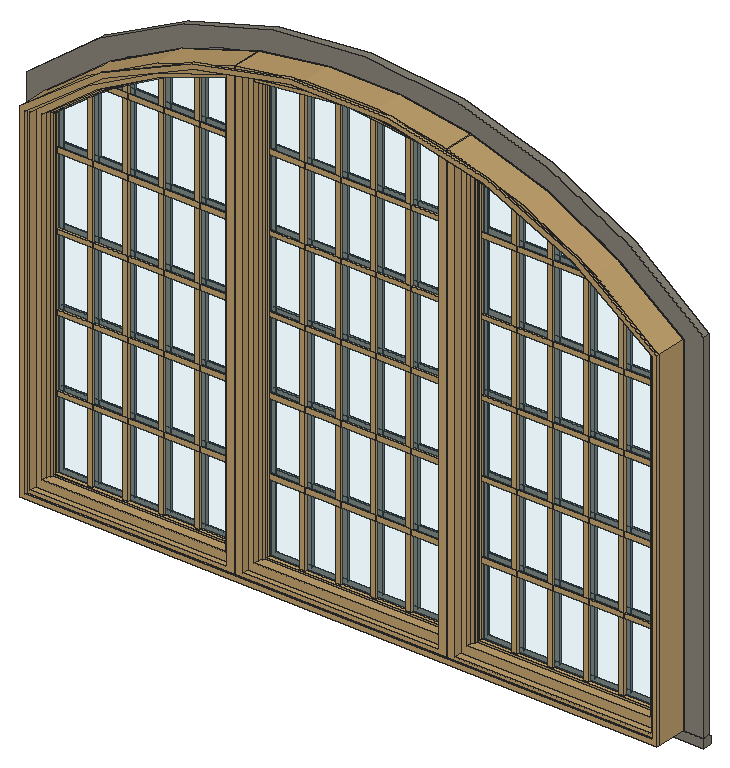
Revit family (continued)
Definition of nested family "Muntins"
  Cuts and joins
    Extrusion 5 cuts Extrusion 11
    Extrusion 5 cuts Extrusion 12
    Extrusion 5 cuts Extrusion 13
    Extrusion 5 cuts Extrusion 1
    Extrusion 5 cuts Extrusion 6
    Extrusion 5 cuts Extrusion 20
    Extrusion 5 cuts Extrusion 21
    Extrusion 5 cuts Extrusion 14
    Extrusion 5 cuts Extrusion 15
    Extrusion 5 cuts Extrusion 22
    Extrusion 5 cuts Extrusion 23
    Extrusion 5 cuts Extrusion 18
    Extrusion 5 cuts Extrusion 19
    Extrusion 5 cuts Extrusion 16
    Extrusion 5 cuts Extrusion 17
    Extrusion 5 cuts Extrusion 2
    Extrusion 5 cuts Extrusion 8
    Extrusion 5 cuts Extrusion 4
    Extrusion 5 cuts Extrusion 9
  Lines and regions (in)
    reference lines
      curve 1: arc (16.5, 0, 86.1075243) -> (-6.0258411, 0, 99.9062161) -> (-32, 0, 104.71875) r 72.5
      curve 2: arc (14.5806034, 0, 83.5458387) -> (-7.0338848, 0, 96.8787511) -> (-32, 0, 101.53125) r 69.3125
  Dimensions and locks (in)
    "Inset Horiz": plane 6 to plane 7
    "Inset Horiz": plane 8 to plane 4
    equal spacing: plane 6, plane 5, plane 4
    "Height": plane 6 to plane 4
    "GlazingHeight": plane 9 to plane 10
    equal spacing: plane 9, plane 5, plane 10
    "GlazingWidth": plane 12 to plane 11
    equal spacing: plane 12, plane 3 "Center (Left/Right)", plane 11
    "MuntinWidth": Extrusion 1 sketch curve to Extrusion 1 sketch curve
    "Height": Extrusion 1 sketch curve to Extrusion 1 sketch curve
    "MuntinWidth": Extrusion 2 sketch curve to Extrusion 2 sketch curve
    "Width": Extrusion 2 sketch curve to Extrusion 2 sketch curve
    "MuntinWidth": Extrusion 3 sketch curve to Extrusion 3 sketch curve
    "Height": Extrusion 3 sketch curve to Extrusion 3 sketch curve
    "Width": plane 15 to plane 14
    equal spacing: plane 15, plane 3 "Center (Left/Right)", plane 14
    "Inset Vert": plane 13 to plane 14
    "Inset Vert": plane 15 to plane 16
    "MuntinWidth": Extrusion 4 sketch curve to Extrusion 4 sketch curve
    "Width": Extrusion 4 sketch curve to Extrusion 4 sketch curve
    locked: plane 10 to plane 17 at 2.90625
    Extrusion 6 sketch curve to plane 3 "Center (Left/Right)" to Extrusion 6 sketch curve = 0' - 0 1/32" locked, 0' - 0 1/32" locked
    "Height": Extrusion 6 sketch curve to Extrusion 6 sketch curve
    locked: Extrusion 7 sketch curve to Extrusion 7 sketch curve at 0.03125
    "Height": Extrusion 7 sketch curve to Extrusion 7 sketch curve
    locked: Extrusion 3 to Extrusion 7 at 0.359375
    equal spacing: Extrusion 8 sketch curve, plane 5, Extrusion 8 sketch curve
    "Width": Extrusion 8 sketch curve to Extrusion 8 sketch curve
    Extrusion 9 sketch curve to Extrusion 9 sketch curve = 0' - 0 1/16"
    "Width": Extrusion 9 sketch curve to Extrusion 9 sketch curve
    locked: Extrusion 9 to Extrusion 4 at 0.359375
    "MuntinWidth": Extrusion 10 sketch curve to Extrusion 10 sketch curve
    "Height": Extrusion 10 sketch curve to Extrusion 10 sketch curve
    locked: Extrusion 11 sketch curve to Extrusion 11 sketch curve at 0.03125
    "Height": Extrusion 11 sketch curve to Extrusion 11 sketch curve
    locked: Extrusion 10 to Extrusion 11 at 0.359375
    equal spacing: group 2, group 4, group 9, group 3  (x3)
    "MuntinWidth": Extrusion 12 sketch curve to Extrusion 12 sketch curve
    "Height": Extrusion 12 sketch curve to Extrusion 12 sketch curve
    locked: Extrusion 13 sketch curve to Extrusion 13 sketch curve at 0.03125
    "Height": Extrusion 13 sketch curve to Extrusion 13 sketch curve
    locked: Extrusion 12 to Extrusion 13 at 0.359375
    "MuntinWidth": Extrusion 14 sketch curve to Extrusion 14 sketch curve
    "Width": Extrusion 14 sketch curve to Extrusion 14 sketch curve
    Extrusion 15 sketch curve to Extrusion 15 sketch curve = 0' - 0 1/16"
    "Width": Extrusion 15 sketch curve to Extrusion 15 sketch curve
    locked: Extrusion 15 to Extrusion 14 at 0.359375
    equal spacing: group 5, group 7, group 8, group 10, group 6  (x3)
    "MuntinWidth": Extrusion 16 sketch curve to Extrusion 16 sketch curve
    "Width": Extrusion 16 sketch curve to Extrusion 16 sketch curve
    Extrusion 17 sketch curve to Extrusion 17 sketch curve = 0' - 0 1/16"
    "Width": Extrusion 17 sketch curve to Extrusion 17 sketch curve
    locked: Extrusion 17 to Extrusion 16 at 0.359375
    "MuntinWidth": Extrusion 18 sketch curve to Extrusion 18 sketch curve
    "Width": Extrusion 18 sketch curve to Extrusion 18 sketch curve
    Extrusion 19 sketch curve to Extrusion 19 sketch curve = 0' - 0 1/16"
    "Width": Extrusion 19 sketch curve to Extrusion 19 sketch curve
    locked: Extrusion 19 to Extrusion 18 at 0.359375
    "MuntinWidth": Extrusion 20 sketch curve to Extrusion 20 sketch curve
    "Height": Extrusion 20 sketch curve to Extrusion 20 sketch curve
    locked: Extrusion 21 sketch curve to Extrusion 21 sketch curve at 0.03125
    "Height": Extrusion 21 sketch curve to Extrusion 21 sketch curve
    locked: Extrusion 20 to Extrusion 21 at 0.359375
    locked: plane 18 to plane 9 at 3.40625
    "Arc Height": plane 18 to plane 19
    locked: plane 11 to plane 20 at 3.40625
    locked: plane 12 to plane 21 at 3.40625
    locked: plane 22 to plane 20 at 0.5
    "Mull Space": plane 22 to plane 24
    equal spacing: plane 22, plane 23, plane 24
    "MuntinWidth": Extrusion 22 sketch curve to Extrusion 22 sketch curve
    "Width": Extrusion 22 sketch curve to Extrusion 22 sketch curve
    Extrusion 23 sketch curve to Extrusion 23 sketch curve = 0' - 0 1/16"
    "Width": Extrusion 23 sketch curve to Extrusion 23 sketch curve
    locked: Extrusion 23 to Extrusion 22 at 0.359375
    locked: Extrusion 5 sketch curve to plane 15 at 0.125
    "RO Radius": radius of curve 1
    "Radius Offset": radius of curve 2
    aligned and locked: plane 6 to Extrusion 1  (x2)
    aligned and locked: Extrusion 1 to plane 4  (x3)
    aligned and locked: Extrusion 3 to plane 13  (x6)
    aligned and locked: Extrusion 3 to plane 4  (x4)
    aligned and locked: Extrusion 2 to plane 14
    aligned and locked: plane 15 to Extrusion 2
    aligned and locked: plane 6 to Extrusion 3  (x2)
    aligned and locked: Extrusion 4 to plane 14  (x2)
    aligned and locked: Extrusion 4 to plane 8  (x2)
    aligned and locked: plane 15 to Extrusion 4  (x2)
    aligned and locked: plane 6 to Extrusion 7
    aligned and locked: plane 6 to Extrusion 10
    aligned and locked: plane 6 to Extrusion 11
    aligned and locked: Extrusion 10 to plane 16
    aligned and locked: Extrusion 10 to plane 4
    aligned and locked: Extrusion 11 to plane 4
    aligned and locked: Extrusion 7 to plane 4
    aligned and locked: Extrusion 9 to plane 14
    aligned and locked: plane 15 to Extrusion 9
    aligned and locked: Extrusion 14 to plane 14
    aligned and locked: Extrusion 15 to plane 14
    aligned and locked: plane 7 to Extrusion 14
    aligned and locked: plane 15 to Extrusion 14
    aligned and locked: plane 15 to Extrusion 15
    aligned and locked: Extrusion 5 sketch curve to plane 20
    aligned and locked: plane 18 to Extrusion 5 sketch curve
    aligned and locked: plane 21 to Extrusion 5 sketch curve
    aligned and locked: plane 23 to curve 1  (x2)
    aligned and locked: plane 18 to curve 1
    aligned and locked: plane 21 to curve 1
    aligned and locked: plane 23 to curve 2
    aligned and locked: Extrusion 5 sketch curve to curve 2
    aligned and locked: Extrusion 5 sketch curve to plane 17
  Automatic sketch dimensions
    Extrusion 9 sketch curve to Extrusion 9 sketch curve = 0' - 0 1/16"
    Extrusion 15 sketch curve to Extrusion 15 sketch curve = 0' - 0 1/16"
    Extrusion 17 sketch curve to Extrusion 17 sketch curve = 0' - 0 1/16"
    Extrusion 19 sketch curve to Extrusion 19 sketch curve = 0' - 0 1/16"
    Extrusion 1 sketch curve to plane 4 = 0' - 0"
    Extrusion 1 sketch curve to plane 3 "Center (Left/Right)" = 0' - 0 3/8"
    Extrusion 2 sketch curve to plane 14 = 0' - 0"
    Extrusion 2 sketch curve to plane 5 = 0' - 0 3/8"
    Extrusion 6 sketch curve to plane 4 = 0' - 0"
    Extrusion 8 sketch curve to plane 14 = 0' - 0"
    Extrusion 8 sketch curve to plane 5 = 0' - 0 1/32"
    curve 1 to curve 2 = 0' - 0"
    plane 15 to curve 2 = 0' - 1.1431"
    Extrusion 23 sketch curve to Extrusion 23 sketch curve = 0' - 0 1/16"
Definition of nested family "Muntins Center"
  Parameters (values of type "Muntins")
    Radius Offset = RO Radius - 0' 3 13/32"  # 3' - 1 3/32"
    RO Radius = 3' - 4 1/2"
    GlazingWidth = 2' - 10 3/16"
    GlazingHeight = 5' - 5 5/16"
    Width = GlazingWidth + 0' 0 7/16"  # 2' - 10 5/8"
    VerticalMuntins = if(LitesHorizontal < 3, 2, LitesHorizontal - 1)  # 4
    VertMuntVisible = LitesHorizontal > 2  # yes
    MuntinWidth = 0' - 0 3/4"
    MuntinDepth = 0' - 0 1/4"
    Muntin Material [instance] = none
    LitesVertical = 5
    LitesHorizontal = 5
    HorizontalMuntins = if(LitesVertical < 3, 2, LitesVertical - 1)  # 4
    HorizMuntVisible = LitesVertical > 2  # yes
    Height = GlazingHeight + 0' 0 7/16"  # 5' - 5 3/4"
    Inset Vert = if(LitesHorizontal < 3, (Width / 3) - (MuntinWidth / 2), (Width / LitesHorizontal) - (MuntinWidth / 2))  # 0' - 6.55"
    Inset Horiz = if(LitesVertical < 3, (Height / 3) - (MuntinWidth / 2), (Height / LitesVertical) - (MuntinWidth / 2))  # 1' - 0.775"
    CenterMuntinVertical = LitesHorizontal = 2  # no
    CenterMuntinHorizontal = LitesVertical = 2  # no
    Assembly Code = ""
    Arc Height = 0' - 5.5715"
  Reference planes (in)
    plane 1 "Center (Front/Back)": y = 0
    plane 2: z = 0
    plane 3 "Center (Left/Right)": x = 0
    plane 4: z = 35.78125
    plane 5: z = 68.65625
    plane 6: z = 101.53125
    plane 7: z = 88.75625
    plane 8: z = 48.55625
    plane 9: z = 101.3125
    plane 10: z = 36
    plane 11: x = -17.09375
    plane 12: x = 17.09375
    plane 13: x = -10.7625
    plane 14: x = -17.3125
    plane 15: x = 17.3125
    plane 16: x = 10.7625
    plane 17: z = 33.09375
    plane 18: z = 104.9375
    plane 19: z = 99.3659984
    plane 20: x = -20.5
    plane 21: x = 20.5
  Forms (in)
    Extrusion 1, solid, material <- "Muntin Material", visible <- "CenterMuntinVertical", detail levels medium+fine
      sketch origin (9, 0, 0) x (1, 0, 0) y (0, 0, 1)
        loop
          line (-9.375, 101.53125) -> (-9.375, 35.78125) -> (-8.625, 35.78125) -> (-8.625, 101.53125) -> (-9.375, 101.53125)
      from 0 to 0.25 <- "MuntinDepth"
    Extrusion 2, solid, material <- "Muntin Material", visible <- "CenterMuntinHorizontal", detail levels medium+fine
      sketch origin (-0.0013021, 0, 14.6875) x (1, 0, 0) y (0, 0, 1)
        loop
          line (-17.3111979, 54.34375) -> (-17.3111979, 53.59375) -> (17.3138021, 53.59375) -> (17.3138021, 54.34375) -> (-17.3111979, 54.34375)
      from 0 to 0.25 <- "MuntinDepth"
    Extrusion 3, solid, material <- "Muntin Material", visible <- "VertMuntVisible", detail levels medium+fine
      sketch origin (-0.372619, 0, -2.90625) x (1, 0, 0) y (0, 0, 1)
        loop
          line (-10.389881, 104.4375) -> (-10.389881, 38.6875) -> (-9.639881, 38.6875) -> (-9.639881, 104.4375) -> (-10.389881, 104.4375)
      from 0 to 0.25 <- "MuntinDepth"
    Extrusion 4, solid, material <- "Muntin Material", visible <- "HorizMuntVisible", detail levels medium+fine
      sketch origin (1.9973958, 0, 2.6589286) x (1, 0, 0) y (0, 0, 1)
        loop
          line (-19.3098958, 46.6473214) -> (-19.3098958, 45.8973214) -> (15.3151042, 45.8973214) -> (15.3151042, 46.6473214) -> (-19.3098958, 46.6473214)
      from 0 to 0.25 <- "MuntinDepth"
    Extrusion 5, void
      sketch origin (0, 0, 0) x (1, 0, 0) y (0, 0, 1)
        loop
          arc (-17.3125, 97.2433475) -> (0, 101.53125) -> (17.3125, 97.2433475) r 37.09375
          line (17.3125, 97.2433475) -> (20.5, 97.2433475) -> (20.5, 104.9375) -> (-20.5, 104.9375) -> (-20.5, 97.2433475) -> (-17.3125, 97.2433475)
      from -1 to 1
    Extrusion 6, solid, material <- "Muntin Material", visible <- "CenterMuntinVertical", detail levels coarse
      sketch origin (9, 0, 0) x (1, 0, 0) y (0, 0, 1)
        loop
          line (-9.03125, 101.53125) -> (-9.03125, 35.78125) -> (-8.96875, 35.78125) -> (-8.96875, 101.53125) -> (-9.03125, 101.53125)
      from 0 to 0.0625
    Extrusion 7, solid, material <- "Muntin Material", visible <- "VertMuntVisible", detail levels coarse
      sketch origin (-0.388244, 0, 0) x (1, 0, 0) y (0, 0, 1)
        loop
          line (-10.014881, 101.53125) -> (-10.014881, 35.78125) -> (-9.983631, 35.78125) -> (-9.983631, 101.53125) -> (-10.014881, 101.53125)
      from 0 to 0.0625
    Extrusion 8, solid, material <- "Muntin Material", visible <- "CenterMuntinHorizontal", detail levels coarse
      sketch origin (-0.0013021, 0, 14.6875) x (1, 0, 0) y (0, 0, 1)
        loop
          line (-17.3111979, 54) -> (-17.3111979, 53.9375) -> (17.3138021, 53.9375) -> (17.3138021, 54) -> (-17.3111979, 54)
      from 0 to 0.0625
    Extrusion 9, solid, material <- "Muntin Material", visible <- "HorizMuntVisible", detail levels coarse
      sketch origin (-4.0013021, 0, 0.0183036) x (1, 0, 0) y (0, 0, 1)
        loop
          line (-13.3111979, 48.9598214) -> (-13.3111979, 48.8973214) -> (21.3138021, 48.8973214) -> (21.3138021, 48.9598214) -> (-13.3111979, 48.9598214)
      from 0 to 0.0625
    Extrusion 10, solid, material <- "Muntin Material", visible <- "VertMuntVisible", detail levels medium+fine
      sketch origin (20.402381, 0, -2.90625) x (1, 0, 0) y (0, 0, 1)
        loop
          line (-10.389881, 104.4375) -> (-10.389881, 38.6875) -> (-9.639881, 38.6875) -> (-9.639881, 104.4375) -> (-10.389881, 104.4375)
      from 0 to 0.25 <- "MuntinDepth"
    Extrusion 11, solid, material <- "Muntin Material", visible <- "VertMuntVisible", detail levels coarse
      sketch origin (20.386756, 0, 0) x (1, 0, 0) y (0, 0, 1)
        loop
          line (-10.014881, 101.53125) -> (-10.014881, 35.78125) -> (-9.983631, 35.78125) -> (-9.983631, 101.53125) -> (-10.014881, 101.53125)
      from 0 to 0.0625
    Extrusion 12, solid, material <- "Muntin Material", visible <- "VertMuntVisible", detail levels medium+fine
      sketch origin (6.552381, 0, -2.90625) x (1, 0, 0) y (0, 0, 1)
        loop
          line (-10.389881, 104.4375) -> (-10.389881, 38.6875) -> (-9.639881, 38.6875) -> (-9.639881, 104.4375) -> (-10.389881, 104.4375)
      from 0 to 0.25 <- "MuntinDepth"
    Extrusion 13, solid, material <- "Muntin Material", visible <- "VertMuntVisible", detail levels coarse
      sketch origin (6.536756, 0, 0) x (1, 0, 0) y (0, 0, 1)
        loop
          line (-10.014881, 101.53125) -> (-10.014881, 35.78125) -> (-9.983631, 35.78125) -> (-9.983631, 101.53125) -> (-10.014881, 101.53125)
      from 0 to 0.0625
    Extrusion 14, solid, material <- "Muntin Material", visible <- "HorizMuntVisible", detail levels medium+fine
      sketch origin (1.9973958, 0, 42.1089286) x (1, 0, 0) y (0, 0, 1)
        loop
          line (-19.3098958, 46.6473214) -> (-19.3098958, 45.8973214) -> (15.3151042, 45.8973214) -> (15.3151042, 46.6473214) -> (-19.3098958, 46.6473214)
      from 0 to 0.25 <- "MuntinDepth"
    Extrusion 15, solid, material <- "Muntin Material", visible <- "HorizMuntVisible", detail levels coarse
      sketch origin (-4.0013021, 0, 39.4683036) x (1, 0, 0) y (0, 0, 1)
        loop
          line (-13.3111979, 48.9598214) -> (-13.3111979, 48.8973214) -> (21.3138021, 48.8973214) -> (21.3138021, 48.9598214) -> (-13.3111979, 48.9598214)
      from 0 to 0.0625
    Extrusion 16, solid, material <- "Muntin Material", visible <- "HorizMuntVisible", detail levels medium+fine
      sketch origin (1.9973958, 0, 15.8089286) x (1, 0, 0) y (0, 0, 1)
        loop
          line (-19.3098958, 46.6473214) -> (-19.3098958, 45.8973214) -> (15.3151042, 45.8973214) -> (15.3151042, 46.6473214) -> (-19.3098958, 46.6473214)
      from 0 to 0.25 <- "MuntinDepth"
    Extrusion 17, solid, material <- "Muntin Material", visible <- "HorizMuntVisible", detail levels coarse
      sketch origin (-4.0013021, 0, 13.1683036) x (1, 0, 0) y (0, 0, 1)
        loop
          line (-13.3111979, 48.9598214) -> (-13.3111979, 48.8973214) -> (21.3138021, 48.8973214) -> (21.3138021, 48.9598214) -> (-13.3111979, 48.9598214)
      from 0 to 0.0625
    Extrusion 18, solid, material <- "Muntin Material", visible <- "HorizMuntVisible", detail levels medium+fine
      sketch origin (1.9973958, 0, 28.9589286) x (1, 0, 0) y (0, 0, 1)
        loop
          line (-19.3098958, 46.6473214) -> (-19.3098958, 45.8973214) -> (15.3151042, 45.8973214) -> (15.3151042, 46.6473214) -> (-19.3098958, 46.6473214)
      from 0 to 0.25 <- "MuntinDepth"
    Extrusion 19, solid, material <- "Muntin Material", visible <- "HorizMuntVisible", detail levels coarse
      sketch origin (-4.0013021, 0, 26.3183036) x (1, 0, 0) y (0, 0, 1)
        loop
          line (-13.3111979, 48.9598214) -> (-13.3111979, 48.8973214) -> (21.3138021, 48.8973214) -> (21.3138021, 48.9598214) -> (-13.3111979, 48.9598214)
      from 0 to 0.0625
    Extrusion 20, solid, material <- "Muntin Material", visible <- "VertMuntVisible", detail levels medium+fine
      sketch origin (13.477381, 0, -2.90625) x (1, 0, 0) y (0, 0, 1)
        loop
          line (-10.389881, 104.4375) -> (-10.389881, 38.6875) -> (-9.639881, 38.6875) -> (-9.639881, 104.4375) -> (-10.389881, 104.4375)
      from 0 to 0.25 <- "MuntinDepth"
    Extrusion 21, solid, material <- "Muntin Material", visible <- "VertMuntVisible", detail levels coarse
      sketch origin (13.461756, 0, 0) x (1, 0, 0) y (0, 0, 1)
        loop
          line (-10.014881, 101.53125) -> (-10.014881, 35.78125) -> (-9.983631, 35.78125) -> (-9.983631, 101.53125) -> (-10.014881, 101.53125)
      from 0 to 0.0625
  Cuts and joins
    Extrusion 5 cuts Extrusion 3
    Extrusion 5 cuts Extrusion 7
    Extrusion 5 cuts Extrusion 10
    Extrusion 5 cuts Extrusion 11
  Lines and regions (in)
    reference lines
      curve 1: arc (-20.5, 0, 99.3659984) -> (0, 0, 104.9375) -> (20.5, 0, 99.3659984) r 40.5
      curve 2: arc (18.4339139, 0, 96.6265836) -> (0, 0, 101.53125) -> (-18.4339139, 0, 96.6265836) r 37.09375
  Dimensions and locks (in)
    "Inset Horiz": plane 6 to plane 7
    "Inset Horiz": plane 8 to plane 4
    equal spacing: plane 6, plane 5, plane 4
    "Height": plane 6 to plane 4
    "GlazingHeight": plane 9 to plane 10
    equal spacing: plane 9, plane 5, plane 10
    "GlazingWidth": plane 12 to plane 11
    equal spacing: plane 12, plane 3 "Center (Left/Right)", plane 11
    "MuntinWidth": Extrusion 1 sketch curve to Extrusion 1 sketch curve
    "Height": Extrusion 1 sketch curve to Extrusion 1 sketch curve
    "MuntinWidth": Extrusion 2 sketch curve to Extrusion 2 sketch curve
    "Width": Extrusion 2 sketch curve to Extrusion 2 sketch curve
    "MuntinWidth": Extrusion 3 sketch curve to Extrusion 3 sketch curve
    "Height": Extrusion 3 sketch curve to Extrusion 3 sketch curve
    "Width": plane 15 to plane 14
    equal spacing: plane 15, plane 3 "Center (Left/Right)", plane 14
    "Inset Vert": plane 13 to plane 14
    "Inset Vert": plane 15 to plane 16
    "MuntinWidth": Extrusion 4 sketch curve to Extrusion 4 sketch curve
    "Width": Extrusion 4 sketch curve to Extrusion 4 sketch curve
    locked: plane 10 to plane 17 at 2.90625
    Extrusion 6 sketch curve to plane 3 "Center (Left/Right)" to Extrusion 6 sketch curve = 0' - 0 1/32" locked, 0' - 0 1/32" locked
    "Height": Extrusion 6 sketch curve to Extrusion 6 sketch curve
    locked: Extrusion 7 sketch curve to Extrusion 7 sketch curve at 0.03125
    "Height": Extrusion 7 sketch curve to Extrusion 7 sketch curve
    locked: Extrusion 3 to Extrusion 7 at 0.359375
    equal spacing: Extrusion 8 sketch curve, plane 5, Extrusion 8 sketch curve
    "Width": Extrusion 8 sketch curve to Extrusion 8 sketch curve
    Extrusion 9 sketch curve to Extrusion 9 sketch curve = 0' - 0 1/16"
    "Width": Extrusion 9 sketch curve to Extrusion 9 sketch curve
    locked: Extrusion 9 to Extrusion 4 at 0.359375
    "MuntinWidth": Extrusion 10 sketch curve to Extrusion 10 sketch curve
    "Height": Extrusion 10 sketch curve to Extrusion 10 sketch curve
    locked: Extrusion 11 sketch curve to Extrusion 11 sketch curve at 0.03125
    "Height": Extrusion 11 sketch curve to Extrusion 11 sketch curve
    locked: Extrusion 10 to Extrusion 11 at 0.359375
    equal spacing: group 2, group 4, group 9, group 3  (x3)
    "MuntinWidth": Extrusion 12 sketch curve to Extrusion 12 sketch curve
    "Height": Extrusion 12 sketch curve to Extrusion 12 sketch curve
    locked: Extrusion 13 sketch curve to Extrusion 13 sketch curve at 0.03125
    "Height": Extrusion 13 sketch curve to Extrusion 13 sketch curve
    locked: Extrusion 12 to Extrusion 13 at 0.359375
    "MuntinWidth": Extrusion 14 sketch curve to Extrusion 14 sketch curve
    "Width": Extrusion 14 sketch curve to Extrusion 14 sketch curve
    Extrusion 15 sketch curve to Extrusion 15 sketch curve = 0' - 0 1/16"
    "Width": Extrusion 15 sketch curve to Extrusion 15 sketch curve
    locked: Extrusion 15 to Extrusion 14 at 0.359375
    equal spacing: group 5, group 7, group 8, group 6  (x3)
    "MuntinWidth": Extrusion 16 sketch curve to Extrusion 16 sketch curve
    "Width": Extrusion 16 sketch curve to Extrusion 16 sketch curve
    Extrusion 17 sketch curve to Extrusion 17 sketch curve = 0' - 0 1/16"
    "Width": Extrusion 17 sketch curve to Extrusion 17 sketch curve
    locked: Extrusion 17 to Extrusion 16 at 0.359375
    "MuntinWidth": Extrusion 18 sketch curve to Extrusion 18 sketch curve
    "Width": Extrusion 18 sketch curve to Extrusion 18 sketch curve
    Extrusion 19 sketch curve to Extrusion 19 sketch curve = 0' - 0 1/16"
    "Width": Extrusion 19 sketch curve to Extrusion 19 sketch curve
    locked: Extrusion 19 to Extrusion 18 at 0.359375
    "MuntinWidth": Extrusion 20 sketch curve to Extrusion 20 sketch curve
    "Height": Extrusion 20 sketch curve to Extrusion 20 sketch curve
    locked: Extrusion 21 sketch curve to Extrusion 21 sketch curve at 0.03125
    "Height": Extrusion 21 sketch curve to Extrusion 21 sketch curve
    locked: Extrusion 20 to Extrusion 21 at 0.359375
    locked: plane 18 to plane 6 at 3.40625
    "Arc Height": plane 18 to plane 19
    locked: plane 11 to plane 20 at 3.40625
    locked: plane 12 to plane 21 at 3.40625
    "RO Radius": radius of curve 1
    "Radius Offset": radius of curve 2
    aligned and locked: plane 6 to Extrusion 1  (x2)
    aligned and locked: Extrusion 1 to plane 4  (x3)
    aligned and locked: Extrusion 3 to plane 13  (x6)
    aligned and locked: Extrusion 3 to plane 4  (x4)
    aligned and locked: Extrusion 2 to plane 14
    aligned and locked: plane 15 to Extrusion 2
    aligned and locked: plane 6 to Extrusion 3  (x2)
    aligned and locked: Extrusion 4 to plane 14  (x2)
    aligned and locked: Extrusion 4 to plane 8  (x2)
    aligned and locked: plane 15 to Extrusion 4  (x2)
    aligned and locked: plane 6 to Extrusion 7
    aligned and locked: plane 6 to Extrusion 10
    aligned and locked: plane 6 to Extrusion 11
    aligned and locked: Extrusion 10 to plane 16
    aligned and locked: Extrusion 10 to plane 4
    aligned and locked: Extrusion 11 to plane 4
    aligned and locked: Extrusion 7 to plane 4
    aligned and locked: Extrusion 9 to plane 14
    aligned and locked: plane 15 to Extrusion 9
    aligned and locked: Extrusion 14 to plane 14
    aligned and locked: Extrusion 15 to plane 14
    aligned and locked: plane 7 to Extrusion 14
    aligned and locked: plane 15 to Extrusion 14
    aligned and locked: plane 15 to Extrusion 15
    aligned and locked: plane 15 to Extrusion 5 sketch curve
    aligned and locked: plane 19 to curve 1  (x2)
    aligned and locked: plane 21 to curve 1
    aligned and locked: plane 20 to curve 1
    aligned and locked: Extrusion 5 sketch curve to curve 2
    aligned and locked: plane 14 to Extrusion 5 sketch curve
    aligned and locked: plane 20 to Extrusion 5 sketch curve
    aligned and locked: Extrusion 5 sketch curve to plane 21
    aligned and locked: Extrusion 5 sketch curve to plane 18
  Automatic sketch dimensions
    Extrusion 1 sketch curve to plane 4 = 0' - 0"
    Extrusion 1 sketch curve to plane 3 "Center (Left/Right)" = 0' - 0 3/8"
    Extrusion 2 sketch curve to plane 14 = 0' - 0"
    Extrusion 2 sketch curve to plane 5 = 0' - 0 3/8"
    Extrusion 6 sketch curve to plane 4 = 0' - 0"
    Extrusion 8 sketch curve to plane 14 = 0' - 0"
    Extrusion 8 sketch curve to plane 5 = 0' - 0 1/32"
    Extrusion 9 sketch curve to Extrusion 9 sketch curve = 0' - 0 1/16"
    Extrusion 15 sketch curve to Extrusion 15 sketch curve = 0' - 0 1/16"
    Extrusion 17 sketch curve to Extrusion 17 sketch curve = 0' - 0 1/16"
    Extrusion 19 sketch curve to Extrusion 19 sketch curve = 0' - 0 1/16"
    curve 1 to curve 2 = 0' - 0"  (x2)
    curve 2 to plane 14 = 0' - 1.12141"
    plane 15 to curve 2 = 0' - 1.12141"
Definition of nested family "Roundtop_Plan_Detail"
  Parameters (values of type "Roundtop_Plan_Detail")
    Width = 3' - 4"
    Swing Angle = 15.00°
    Plan Swing RH = no
    Plan Swing Length = Width - 0' 2 3/8"  # 3' - 1 5/8"
    Plan Swing LH = yes
    Flange = not(Casing)  # no
    Casing = yes
    Assembly Code = ""
  Reference planes (in)
    plane 1 "Center (Front/Back)": y = 0
    plane 2: z = 0
    plane 3 "Center (Left/Right)": x = 0
    plane 4: x = -20
    plane 5: x = 20
    plane 6: x = -18.8125
    plane 7: x = 18.8125
    plane 8: y = -0.125
  Lines and regions (in)
    detail lines, style "Cut Lines", in view "Ref. Level", detail levels fine
      curve 1: line (-17.647, -0.5019919, 0) -> (17.647, -0.5019919, 0)
      curve 2: line (-17.647, -0.6904919, 0) -> (17.647, -0.6904919, 0)
      curve 3: line (-17.647, -1.3154919, 0) -> (17.647, -1.3154919, 0)
      curve 4: line (-17.647, -1.5029919, 0) -> (17.647, -1.5029919, 0)
    detail lines, style "DetailComponentsHiddenLines", in view "Ref. Level", visible <- "Plan Swing RH"
      curve 5: line (18.8125, -0.125, 0) -> (-17.5304592, 9.6130666, 0)
      curve 6: arc (-17.5304592, 9.6130666, 0) -> (-18.4906129, 4.786048, 0) -> (-18.8125, -0.125, 0) r 37.625
    detail lines, style "DetailComponentsHiddenLines", in view "Ref. Level", visible <- "Plan Swing LH"
      curve 7: line (-18.8125, -0.125, 0) -> (17.5304592, 9.6130666, 0)
      curve 8: arc (17.5304592, 9.6130666, 0) -> (18.4906129, 4.786048, 0) -> (18.8125, -0.125, 0) r 37.625
  Dimensions and locks (in)
    equal spacing: plane 4, plane 3 "Center (Left/Right)", plane 5
    "Width": plane 4 to plane 5
    locked: plane 4 to plane 6 at 1.1875
    locked: plane 7 to plane 5 at 1.1875
    locked: plane 8 to plane 1 "Center (Front/Back)" at 0.125
    "Plan Swing Length": curve 5 to curve 5
    "Plan Swing Length": curve 7 to curve 7
    "Swing Angle": angle curve 5 to plane 8
    "Swing Angle": angle plane 8 to curve 7
    aligned and locked: nested 1 to plane 1 "Center (Front/Back)"
    aligned and locked: nested 1 to plane 4
    aligned and locked: plane 5 to nested 2
    aligned and locked: nested 2 to plane 1 "Center (Front/Back)"
    aligned and locked: nested 1 to curve 1
    aligned and locked: curve 1 to nested 1
    aligned and locked: curve 2 to nested 1  (x2)
    aligned and locked: nested 1 to curve 3
    aligned and locked: curve 3 to nested 1
    aligned and locked: curve 4 to nested 1  (x2)
  Automatic sketch dimensions
    curve 8 to plane 6 = 0' - 0"
    curve 7 to plane 6 = 0' - 0"
    curve 5 to plane 7 = 0' - 0"
    curve 6 to plane 7 = 0' - 0"
    curve 8 to plane 7 = 0' - 0"
    curve 5 to plane 8 = 0' - 0"
    curve 3 to plane 7 = 0' - 1.1655"
    curve 1 to curve 3 = 0' - 0"
    curve 4 to curve 3 = 0' - 0"
    curve 2 to curve 1 = 0' - 0"
  Nested families (in)
    nested 1: "Jamb_Detail" at (-20, 0, 0), type "Jamb_Detail", in view "Ref. Level", detail levels fine
      with Flange no
    nested 2: "Jamb_Detail" at (20, 0, 0) x (-1, 0, 0) z (0, 0, 1), type "Jamb_Detail", in view "Ref. Level", detail levels fine
      with Flange no
  Definition of nested family "Jamb_Detail"
    Parameters (values of type "Jamb_Detail")
      Flange = yes
      Assembly Code = ""
    Reference planes (in)
      plane 1 "Center (Front/Back)": y = 0
      plane 2: z = 0
      plane 3 "Center (Left/Right)": x = 0
    Lines and regions (in)
      detail lines, style "Cut Lines", in view "Ref. Level"
        curve 1: line (0, 4.5619919, 0) -> (1.188, 4.5619919, 0)
        curve 2: line (0, -1.0940081, 0) -> (0, 4.5619919, 0)
        curve 3: line (1.188, 4.5619919, 0) -> (1.188, 0.53125, 0)
        curve 4: line (0.5210547, -1.0940081, 0) -> (0, -1.0940081, 0)
        curve 5: line (0.625, 0.3924785, 0) -> (0.5210547, -1.0940081, 0)
        curve 6: line (0.625, 0.3924785, 0) -> (0.625, 2, 0)
        curve 12: line (1.188, 3.5307419, 0) -> (2.1255, 3.5307419, 0)
        curve 13: line (2.1255, 3.5307419, 0) -> (2.1255, 2.8744919, 0)
        curve 14: line (2.313, 2.8744919, 0) -> (2.313, 2.3439919, 0)
        curve 15: line (2.5005, 2.3439919, 0) -> (2.5005, 2, 0)
        curve 16: line (2.1255, 2.8744919, 0) -> (2.313, 2.8744919, 0)
        curve 17: line (0.8125, 0.53125, 0) -> (1.188, 0.53125, 0)
        curve 18: line (0.8125, 0.125, 0) -> (0.8125, 0.53125, 0)
        curve 19: line (2.696, 0.125, 0) -> (0.8125, 0.125, 0)
        curve 20: line (2.696, 0.2357994, 0) -> (2.696, 0.125, 0)
        curve 21: line (2.90625, 0.4460494, 0) -> (2.696, 0.2357994, 0)
        curve 22: line (2.208, 0.4729672, 0) -> (2.90625, 0.4729672, 0)
        curve 23: line (2.208, 1.5029919, 0) -> (2.208, 0.4729672, 0)
        curve 24: line (2.90625, 1.5029919, 0) -> (2.208, 1.5029919, 0)
        curve 25: line (2.90625, 1.6637419, 0) -> (2.90625, 1.5029919, 0)
        curve 26: line (2.677, 2, 0) -> (2.677, 1.8929919, 0)
        curve 27: line (0.625, 2, 0) -> (2.677, 2, 0)
        curve 28: line (2.90625, 0.4729672, 0) -> (2.90625, 0.4460494, 0)
        curve 29: line (2.677, 1.8929919, 0) -> (2.90625, 1.6637419, 0)
        curve 30: line (2.5005, 2.3439919, 0) -> (2.313, 2.3439919, 0)
        curve 31: line (2.4540243, 1.3154919, 0) -> (2.4540243, 0.6904919, 0)
        curve 32: line (2.6604961, 1.3154919, 0) -> (2.6604961, 0.6904919, 0)
        curve 33: line (2.353, 1.5029919, 0) -> (2.353, 1.3154919, 0)
        curve 34: line (2.353, 0.6904919, 0) -> (2.353, 0.5019919, 0)
      detail lines, style "Cut Lines", in view "Ref. Level", visible <- "Flange"
        curve 7: line (-1.5000004, 0, 0) -> (-0.1500003, 0, 0)
        curve 8: line (0, -0.0450079, 0) -> (-1.5000004, -0.0450079, 0)
        curve 9: line (-1.5000004, -0.0450079, 0) -> (-1.5000004, 0, 0)
        curve 10: line (-0.1500003, 0.1099926, 0) -> (0, 0.1099926, 0)
        curve 11: line (-0.1500003, 0, 0) -> (-0.1500003, 0.1099926, 0)
    Dimensions and locks (in)
      aligned and locked: curve 25 to curve 28
      aligned and locked: curve 24 to curve 33
Definition of nested family "Label Annotation 1-16 w4"
  Parameters
    Nominal Width = 8' - 0"
    Nominal Height = 4' - 0"
    Description = "2W CSMT RT9/10"
  Reference planes (in)
    plane 1: y = 0
    plane 2: x = 0
  Text (in)
    label "Nominal Width X  Nominal Height\n\nDescription" at (0.0037544, -0.0034533, 0), shows "Nominal Width", "Nominal Height", "Description"
Definition of nested family "Roundtop_Section_Detail"
  Parameters (values of type "Roundtop_Section_Detail")
    Height = 3' - 11 1/8"
    Flange = not(Casing)  # no
    Casing = yes
    Assembly Code = ""
  Reference planes (in)
    plane 1 "Center (Front/Back)": y = 0
    plane 2: z = 0
    plane 3 "Center (Left/Right)": x = 0
    plane 4: y = 47.125
  Lines and regions (in)
    detail lines, style "Cut Lines", in view "Ref. Level"
      curve 1: line (0.5019919, 2.353, 0) -> (0.5019919, 44.772, 0)
      curve 2: line (0.6904919, 2.353, 0) -> (0.6904919, 44.772, 0)
      curve 3: line (1.3154919, 2.353, 0) -> (1.3154919, 44.772, 0)
      curve 4: line (1.5029919, 2.353, 0) -> (1.5029919, 44.772, 0)
  Dimensions and locks (in)
    "Height": plane 4 to plane 1 "Center (Front/Back)"
    aligned and locked: nested 1 to plane 4
    aligned and locked: plane 3 "Center (Left/Right)" to nested 1
    aligned and locked: plane 3 "Center (Left/Right)" to nested 2
    aligned and locked: plane 1 "Center (Front/Back)" to nested 2
    aligned and locked: nested 2 to curve 1
    aligned and locked: curve 1 to nested 2
    aligned and locked: curve 2 to nested 2  (x2)
    aligned and locked: nested 2 to curve 3
    aligned and locked: curve 3 to nested 2
    aligned and locked: curve 4 to nested 2  (x2)
  Automatic sketch dimensions
    curve 3 to plane 4 = 0' - 2.353"
    curve 2 to curve 3 = 0' - 0"
    curve 4 to curve 3 = 0' - 0"
    curve 1 to curve 2 = 0' - 0"
  Nested families (in)
    nested 1: "Head_Detail" at (0, 47.125, 0), type "Head_Detail", in view "Ref. Level"
      with Flange no
    nested 2: "Sill_Detail" at (0, 0, 0), type "Jamb_Detail", in view "Ref. Level"
      with Flange no
  Definition of nested family "Head_Detail"
    Parameters (values of type "Head_Detail")
      Flange = yes
      Assembly Code = ""
    Reference planes (in)
      plane 1 "Center (Front/Back)": y = 0
      plane 2: z = 0
      plane 3 "Center (Left/Right)": x = 0
    Lines and regions (in)
      detail lines, style "Cut Lines", in view "Ref. Level"
        curve 1: line (4.5619919, 0, 0) -> (4.5619919, -1.188, 0)
        curve 2: line (-1.0940081, 0, 0) -> (4.5619919, 0, 0)
        curve 3: line (4.5619919, -1.188, 0) -> (0.53125, -1.188, 0)
        curve 4: line (-1.0940081, -0.5210547, 0) -> (-1.0940081, 0, 0)
        curve 5: line (0.3924785, -0.625, 0) -> (-1.0940081, -0.5210547, 0)
        curve 6: line (0.3924785, -0.625, 0) -> (2, -0.625, 0)
        curve 12: line (3.5307419, -1.188, 0) -> (3.5307419, -2.1255, 0)
        curve 13: line (3.5307419, -2.1255, 0) -> (2.8744919, -2.1255, 0)
        curve 14: line (2.8744919, -2.313, 0) -> (2.3439919, -2.313, 0)
        curve 15: line (2.3439919, -2.5005, 0) -> (2, -2.5005, 0)
        curve 16: line (2.8744919, -2.1255, 0) -> (2.8744919, -2.313, 0)
        curve 17: line (0.53125, -0.8125, 0) -> (0.53125, -1.188, 0)
        curve 18: line (0.125, -0.8125, 0) -> (0.53125, -0.8125, 0)
        curve 19: line (0.125, -2.696, 0) -> (0.125, -0.8125, 0)
        curve 20: line (0.2357994, -2.696, 0) -> (0.125, -2.696, 0)
        curve 21: line (0.4460494, -2.90625, 0) -> (0.2357994, -2.696, 0)
        curve 22: line (0.4729672, -2.208, 0) -> (0.4729672, -2.90625, 0)
        curve 23: line (1.5029919, -2.208, 0) -> (0.4729672, -2.208, 0)
        curve 24: line (1.5029919, -2.90625, 0) -> (1.5029919, -2.208, 0)
        curve 25: line (1.6637419, -2.90625, 0) -> (1.5029919, -2.90625, 0)
        curve 26: line (2, -2.677, 0) -> (1.8929919, -2.677, 0)
        curve 27: line (2, -0.625, 0) -> (2, -2.677, 0)
        curve 28: line (0.4729672, -2.90625, 0) -> (0.4460494, -2.90625, 0)
        curve 29: line (1.8929919, -2.677, 0) -> (1.6637419, -2.90625, 0)
        curve 30: line (2.3439919, -2.5005, 0) -> (2.3439919, -2.313, 0)
        curve 31: line (1.3154919, -2.4540243, 0) -> (0.6904919, -2.4540243, 0)
        curve 32: line (1.3154919, -2.6604961, 0) -> (0.6904919, -2.6604961, 0)
        curve 33: line (1.5029919, -2.353, 0) -> (1.3154919, -2.353, 0)
        curve 34: line (0.6904919, -2.353, 0) -> (0.5019919, -2.353, 0)
      detail lines, style "Cut Lines", in view "Ref. Level", visible <- "Flange"
        curve 7: line (0, 1.5000004, 0) -> (0, 0.1500003, 0)
        curve 8: line (-0.0450079, 0, 0) -> (-0.0450079, 1.5000004, 0)
        curve 9: line (-0.0450079, 1.5000004, 0) -> (0, 1.5000004, 0)
        curve 10: line (0.1099926, 0.1500003, 0) -> (0.1099926, 0, 0)
        curve 11: line (0, 0.1500003, 0) -> (0.1099926, 0.1500003, 0)
    Dimensions and locks (in)
      aligned and locked: curve 25 to curve 28
      aligned and locked: curve 24 to curve 33
  Definition of nested family "Sill_Detail"
    Parameters (values of type "Jamb_Detail")
      Flange = yes
      Assembly Code = ""
    Reference planes (in)
      plane 1 "Center (Front/Back)": y = 0
      plane 2: z = 0
      plane 3 "Center (Left/Right)": x = 0
    Lines and regions (in)
      detail lines, style "Cut Lines", in view "Ref. Level"
        curve 1: line (4.5619919, 0, 0) -> (4.5619919, 1.188, 0)
        curve 2: line (-1.0940081, 0, 0) -> (4.5619919, 0, 0)
        curve 3: line (4.5619919, 1.188, 0) -> (0.53125, 1.188, 0)
        curve 4: line (-1.0940081, 0.5210547, 0) -> (-1.0940081, 0, 0)
        curve 5: line (0.3924785, 0.625, 0) -> (-1.0940081, 0.5210547, 0)
        curve 6: line (0.3924785, 0.625, 0) -> (2, 0.625, 0)
        curve 12: line (3.5307419, 1.188, 0) -> (3.5307419, 2.5005, 0)
        curve 13: line (3.5307419, 2.5005, 0) -> (2, 2.5005, 0)
        curve 14: line (0.53125, 0.8125, 0) -> (0.53125, 1.188, 0)
        curve 15: line (0.125, 0.8125, 0) -> (0.53125, 0.8125, 0)
        curve 16: line (0.125, 2.696, 0) -> (0.125, 0.8125, 0)
        curve 17: line (0.2357994, 2.696, 0) -> (0.125, 2.696, 0)
        curve 18: line (0.4460494, 2.90625, 0) -> (0.2357994, 2.696, 0)
        curve 19: line (0.4729672, 2.208, 0) -> (0.4729672, 2.90625, 0)
        curve 20: line (1.5029919, 2.208, 0) -> (0.4729672, 2.208, 0)
        curve 21: line (1.5029919, 2.90625, 0) -> (1.5029919, 2.208, 0)
        curve 22: line (1.6637419, 2.90625, 0) -> (1.5029919, 2.90625, 0)
        curve 23: line (2, 2.677, 0) -> (1.8929919, 2.677, 0)
        curve 24: line (2, 0.625, 0) -> (2, 2.677, 0)
        curve 25: line (0.4729672, 2.90625, 0) -> (0.4460494, 2.90625, 0)
        curve 26: line (1.8929919, 2.677, 0) -> (1.6637419, 2.90625, 0)
        curve 27: line (1.3154919, 2.4540243, 0) -> (0.6904919, 2.4540243, 0)
        curve 28: line (1.3154919, 2.6604961, 0) -> (0.6904919, 2.6604961, 0)
        curve 29: line (1.5029919, 2.353, 0) -> (1.3154919, 2.353, 0)
        curve 30: line (0.6904919, 2.353, 0) -> (0.5019919, 2.353, 0)
      detail lines, style "Cut Lines", in view "Ref. Level", visible <- "Flange"
        curve 7: line (0, -1.5000004, 0) -> (0, -0.1500003, 0)
        curve 8: line (-0.0450079, 0, 0) -> (-0.0450079, -1.5000004, 0)
        curve 9: line (-0.0450079, -1.5000004, 0) -> (0, -1.5000004, 0)
        curve 10: line (0.1099926, -0.1500003, 0) -> (0.1099926, 0, 0)
        curve 11: line (0, -0.1500003, 0) -> (0.1099926, -0.1500003, 0)
Definition of nested family "Roundtop_Plan_Detail_2"
  Parameters (values of type "Roundtop_Plan_Detail")
    Width = 2' - 8"
    Swing Angle = 15.00°
    Plan Swing RH = yes
    Plan Swing Length = Width - 0' 2 3/8"  # 2' - 5 5/8"
    Plan Swing LH = no
    Flange = not(Casing)  # no
    Casing = yes
    Assembly Code = ""
  Reference planes (in)
    plane 1 "Center (Front/Back)": y = 0
    plane 2: z = 0
    plane 3 "Center (Left/Right)": x = 0
    plane 4: x = -16
    plane 5: x = 16
    plane 6: x = -14.8125
    plane 7: x = 14.8125
    plane 8: y = -0.125
  Lines and regions (in)
    detail lines, style "Cut Lines", in view "Ref. Level", detail levels fine
      curve 1: line (-13.647, -0.5019919, 0) -> (13.647, -0.5019919, 0)
      curve 2: line (-13.647, -0.6904919, 0) -> (13.647, -0.6904919, 0)
      curve 3: line (-13.647, -1.3154919, 0) -> (13.647, -1.3154919, 0)
      curve 4: line (-13.647, -1.5029919, 0) -> (13.647, -1.5029919, 0)
    detail lines, style "DetailComponentsHiddenLines", in view "Ref. Level", visible <- "Plan Swing RH"
      curve 5: line (14.8125, -0.125, 0) -> (-13.8030526, 7.5425142, 0)
      curve 6: arc (-13.8030526, 7.5425142, 0) -> (-14.559054, 3.7418384, 0) -> (-14.8125, -0.125, 0) r 29.625
    detail lines, style "DetailComponentsHiddenLines", in view "Ref. Level", visible <- "Plan Swing LH"
      curve 7: line (-14.8125, -0.125, 0) -> (13.8030526, 7.5425142, 0)
      curve 8: arc (13.8030526, 7.5425142, 0) -> (14.559054, 3.7418384, 0) -> (14.8125, -0.125, 0) r 29.625
  Dimensions and locks (in)
    equal spacing: plane 4, plane 3 "Center (Left/Right)", plane 5
    "Width": plane 4 to plane 5
    locked: plane 4 to plane 6 at 1.1875
    locked: plane 7 to plane 5 at 1.1875
    locked: plane 8 to plane 1 "Center (Front/Back)" at 0.125
    "Plan Swing Length": curve 5 to curve 5
    "Plan Swing Length": curve 7 to curve 7
    "Swing Angle": angle curve 5 to plane 8
    "Swing Angle": angle plane 8 to curve 7
    aligned and locked: plane 1 "Center (Front/Back)" to nested 1
    aligned and locked: nested 1 to plane 4
    aligned and locked: plane 5 to nested 2
    aligned and locked: nested 2 to plane 1 "Center (Front/Back)"
    aligned and locked: nested 1 to curve 1
    aligned and locked: curve 1 to nested 1
    aligned and locked: curve 2 to nested 1  (x2)
    aligned and locked: nested 1 to curve 3
    aligned and locked: curve 3 to nested 1
    aligned and locked: curve 4 to nested 1  (x2)
  Automatic sketch dimensions
    curve 8 to plane 6 = 0' - 0"
    curve 7 to plane 6 = 0' - 0"
    curve 5 to plane 7 = 0' - 0"
    curve 6 to plane 7 = 0' - 0"
    curve 8 to plane 7 = 0' - 0"
    curve 5 to plane 8 = 0' - 0"
    curve 3 to plane 7 = 0' - 1.1655"
    curve 1 to curve 3 = 0' - 0"
    curve 4 to curve 3 = 0' - 0"
    curve 2 to curve 1 = 0' - 0"
  Nested families (in)
    nested 1: "Jamb_Detail" at (-16, 0, 0), type "Jamb_Detail", in view "Ref. Level", detail levels fine
      with Flange no
    nested 2: "Jamb_Detail" at (16, 0, 0) x (-1, 0, 0) z (0, 0, 1), type "Jamb_Detail", in view "Ref. Level", detail levels fine
      with Flange no
  Definition of nested family "Jamb_Detail"
    Parameters (values of type "Jamb_Detail")
      Flange = yes
      Assembly Code = ""
    Reference planes (in)
      plane 1 "Center (Front/Back)": y = 0
      plane 2: z = 0
      plane 3 "Center (Left/Right)": x = 0
    Lines and regions (in)
      detail lines, style "Cut Lines", in view "Ref. Level"
        curve 1: line (0, 4.5619919, 0) -> (1.188, 4.5619919, 0)
        curve 2: line (0, -1.0940081, 0) -> (0, 4.5619919, 0)
        curve 3: line (1.188, 4.5619919, 0) -> (1.188, 0.53125, 0)
        curve 4: line (0.5210547, -1.0940081, 0) -> (0, -1.0940081, 0)
        curve 5: line (0.625, 0.3924785, 0) -> (0.5210547, -1.0940081, 0)
        curve 6: line (0.625, 0.3924785, 0) -> (0.625, 2, 0)
        curve 12: line (1.188, 3.5307419, 0) -> (2.1255, 3.5307419, 0)
        curve 13: line (2.1255, 3.5307419, 0) -> (2.1255, 2.8744919, 0)
        curve 14: line (2.313, 2.8744919, 0) -> (2.313, 2.3439919, 0)
        curve 15: line (2.5005, 2.3439919, 0) -> (2.5005, 2, 0)
        curve 16: line (2.1255, 2.8744919, 0) -> (2.313, 2.8744919, 0)
        curve 17: line (0.8125, 0.53125, 0) -> (1.188, 0.53125, 0)
        curve 18: line (0.8125, 0.125, 0) -> (0.8125, 0.53125, 0)
        curve 19: line (2.696, 0.125, 0) -> (0.8125, 0.125, 0)
        curve 20: line (2.696, 0.2357994, 0) -> (2.696, 0.125, 0)
        curve 21: line (2.90625, 0.4460494, 0) -> (2.696, 0.2357994, 0)
        curve 22: line (2.208, 0.4729672, 0) -> (2.90625, 0.4729672, 0)
        curve 23: line (2.208, 1.5029919, 0) -> (2.208, 0.4729672, 0)
        curve 24: line (2.90625, 1.5029919, 0) -> (2.208, 1.5029919, 0)
        curve 25: line (2.90625, 1.6637419, 0) -> (2.90625, 1.5029919, 0)
        curve 26: line (2.677, 2, 0) -> (2.677, 1.8929919, 0)
        curve 27: line (0.625, 2, 0) -> (2.677, 2, 0)
        curve 28: line (2.90625, 0.4729672, 0) -> (2.90625, 0.4460494, 0)
        curve 29: line (2.677, 1.8929919, 0) -> (2.90625, 1.6637419, 0)
        curve 30: line (2.5005, 2.3439919, 0) -> (2.313, 2.3439919, 0)
        curve 31: line (2.4540243, 1.3154919, 0) -> (2.4540243, 0.6904919, 0)
        curve 32: line (2.6604961, 1.3154919, 0) -> (2.6604961, 0.6904919, 0)
        curve 33: line (2.353, 1.5029919, 0) -> (2.353, 1.3154919, 0)
        curve 34: line (2.353, 0.6904919, 0) -> (2.353, 0.5019919, 0)
      detail lines, style "Cut Lines", in view "Ref. Level", visible <- "Flange"
        curve 7: line (-1.5000004, 0, 0) -> (-0.1500003, 0, 0)
        curve 8: line (0, -0.0450079, 0) -> (-1.5000004, -0.0450079, 0)
        curve 9: line (-1.5000004, -0.0450079, 0) -> (-1.5000004, 0, 0)
        curve 10: line (-0.1500003, 0.1099926, 0) -> (0, 0.1099926, 0)
        curve 11: line (-0.1500003, 0, 0) -> (-0.1500003, 0.1099926, 0)
    Dimensions and locks (in)
      aligned and locked: curve 25 to curve 28
      aligned and locked: curve 24 to curve 33
